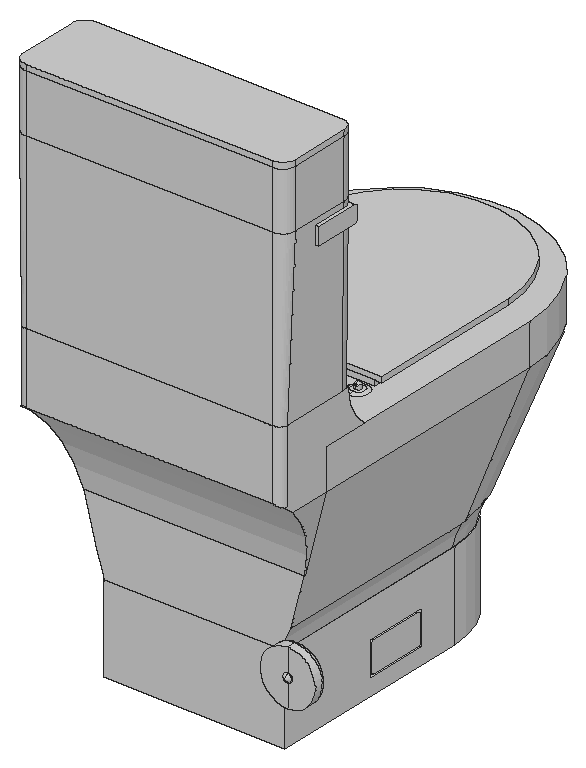
Revit family "T-5000", category Plumbing Fixtures, host Wall, Revit 2023
Family settings
  Host = Wall
  Round Connector Dimension = Use Diameter
  Part Type = Normal
  OmniClass Number = 23.45.00.00
  OmniClass Title = Sanitary, Laundry, and Cleaning Equipment
  Enable Cutting in Views = No
  Always vertical = Yes
  Cut with Voids When Loaded = No
  Maintain Annotation Orientation = No
  Shared = No
  Room Calculation Point = No
Parameters
  Default Elevation = 0' - 0"
Reference planes (in)
  plane 1: y = 0
  plane 2 "Center (Left/Right)": x = -0.47711
  plane 3 "Back": y = 3
  plane 4: x = 8.14789
  plane 5: x = -9.10211
  plane 6: y = 30.5
  plane 7: y = 12
  plane 8: z = 16.5
  plane 9: z = 32.25
  plane 10: x = 7.39789
  plane 11: x = -8.35211
  plane 12: y = 15.04326
  plane 13: y = 3.75
  plane 14: y = 8.7473
  plane 15: y = 7
  plane 16: y = 12.54326
  plane 17: y = 12.54326
  plane 18: y = 7
  plane 19: y = 7
  plane 20: y = 7
  plane 21: y = 7
  plane 22: y = 24.5445
  plane 23: y = 12.75
Forms (in)
  Extrusion 1, solid, material "China Clay"
    sketch origin (0, 0, 0) x (1, 0, 0) y (0, 1, 0)
      loop
        line (-8.10211, 7) -> (7.14789, 7) -> (7.14789, 21.76216)
        arc (7.14789, 21.76216) -> (-0.47711, 29.38716) -> (-8.10211, 21.76216) r 7.625
        line (-8.10211, 21.76216) -> (-8.10211, 7)
    from 14.09841 to 16.5
  Blend 2, solid, material "China Clay"
    base sketch origin (0, 0, 0) x (1, 0, 0) y (0, 1, 0)
      loop
        line (-8.10211, 7) -> (7.14789, 7) -> (7.14789, 21.75)
        arc (7.14789, 21.75) -> (-0.47711, 29.375) -> (-8.10211, 21.75) r 7.625
        line (-8.10211, 21.75) -> (-8.10211, 7)
    top sketch origin (0, 0, 0) x (1, 0, 0) y (0, 1, 0)
      loop
        line (-5.72711, 19.2945) -> (-5.72711, 7) -> (4.77289, 7) -> (4.77289, 19.2945)
        arc (4.77289, 19.2945) -> (-0.47711, 24.5445) -> (-5.72711, 19.2945) r 5.25
    from 14.09841 to 5.04788
  Extrusion 3, solid, material "China Clay"
    sketch origin (0, 0, 0) x (1, 0, 0) y (0, 1, 0)
      loop
        line (-5.72711, 7) -> (4.77289, 7) -> (4.77289, 19.29283)
        arc (4.77289, 19.29283) -> (-0.47711, 24.54283) -> (-5.72711, 19.29283) r 5.25
        line (-5.72711, 19.29283) -> (-5.72711, 7)
    from 0 to 5.04788
  Extrusion 4, solid, material "China Clay"
    sketch origin (0, 0, 0) x (1, 0, 0) y (0, 1, 0)
      loop
        line (-7.60211, 3.75) -> (6.64789, 3.75)
        arc (6.64789, 3.75) -> (7.17822, 3.96967) -> (7.39789, 4.5) r 0.75
        line (7.39789, 4.5) -> (7.39789, 7.9973)
        arc (7.39789, 7.9973) -> (7.17822, 8.52763) -> (6.64789, 8.7473) r 0.75
        line (6.64789, 8.7473) -> (-7.60211, 8.7473)
        arc (-7.60211, 8.7473) -> (-8.13244, 8.52763) -> (-8.35211, 7.9973) r 0.75
        line (-8.35211, 7.9973) -> (-8.35211, 4.5)
        arc (-8.35211, 4.5) -> (-8.13244, 3.96967) -> (-7.60211, 3.75) r 0.75
    from 28.86881 to 32.25
  Blend 5, solid, material "China Clay"
    base sketch origin (0, 0, 0) x (1, 0, 0) y (0, 1, 0)
      loop
        arc (-7.60211, 8.7473) -> (-8.13244, 8.52763) -> (-8.35211, 7.9973) r 0.75
        line (-8.35211, 7.9973) -> (-8.35211, 4.5)
        arc (-8.35211, 4.5) -> (-8.13244, 3.96967) -> (-7.60211, 3.75) r 0.75
        line (-7.60211, 3.75) -> (6.64789, 3.75)
        arc (6.64789, 3.75) -> (7.17822, 3.96967) -> (7.39789, 4.5) r 0.75
        line (7.39789, 4.5) -> (7.39789, 7.9973)
        arc (7.39789, 7.9973) -> (7.17822, 8.52763) -> (6.64789, 8.7473) r 0.75
        line (6.64789, 8.7473) -> (-7.60211, 8.7473)
    top sketch origin (0, 0, 0) x (1, 0, 0) y (0, 1, 0)
      loop
        line (6.64789, 8.7473) -> (-7.60211, 8.7473)
        arc (-7.60211, 8.7473) -> (-7.95566, 8.60086) -> (-8.10211, 8.2473) r 0.5
        line (-8.10211, 8.2473) -> (-8.10211, 4.25)
        arc (-8.10211, 4.25) -> (-7.95566, 3.89645) -> (-7.60211, 3.75) r 0.5
        line (-7.60211, 3.75) -> (6.64789, 3.75)
        arc (6.64789, 3.75) -> (7.00144, 3.89645) -> (7.14789, 4.25) r 0.5
        line (7.14789, 4.25) -> (7.14789, 8.2473)
        arc (7.14789, 8.2473) -> (7.00144, 8.60086) -> (6.64789, 8.7473) r 0.5
    from 28.86881 to 18.8406
  Extrusion 6, solid, material "China Clay"
    sketch origin (0, 0, 0) x (1, 0, 0) y (0, 1, 0)
      loop
        arc (-7.60211, 8.7473) -> (-8.13244, 8.52763) -> (-8.35211, 7.9973) r 0.75
        line (-8.35211, 7.9973) -> (-8.35211, 4.5)
        arc (-8.35211, 4.5) -> (-8.13244, 3.96967) -> (-7.60211, 3.75) r 0.75
        line (-7.60211, 3.75) -> (6.64789, 3.75)
        arc (6.64789, 3.75) -> (7.17822, 3.96967) -> (7.39789, 4.5) r 0.75
        line (7.39789, 4.5) -> (7.39789, 7.9973)
        arc (7.39789, 7.9973) -> (7.17822, 8.52763) -> (6.64789, 8.7473) r 0.75
        line (6.64789, 8.7473) -> (-7.60211, 8.7473)
    from 32.25 to 32.57429
  Extrusion 7, solid, material "China Clay"
    sketch origin (-0.47711, 0, 0.75) x (0, 1, 0) y (0, 0, 1)
      loop
        line (5.89884, 27.82054) -> (5.89884, 26.82054) -> (8.49792, 26.82054)
        arc (8.49792, 26.82054) -> (8.58907, 26.8803) -> (8.64884, 26.97146) r 0.26768
        line (8.64884, 26.97146) -> (8.64884, 27.63771)
        arc (8.64884, 27.63771) -> (8.59824, 27.75103) -> (8.49543, 27.82054) r 0.22595
        line (8.49543, 27.82054) -> (5.89884, 27.82054)
    from 7.625 to 8.09805
  Extrusion 8, void
    sketch origin (4.77289, 23.625, 0) x (0, 1, 0) y (0, 0, -1)
      loop
        line (-10.45674, -2.9149) -> (-6.70674, -2.9149) -> (-6.70674, -0.9149) -> (-10.45674, -0.9149) -> (-10.45674, -2.9149)
    from 0 to 0.50357
  Extrusion 9, solid, material "China Clay"
    sketch origin (4.77289, 23.625, 0) x (0, -1, 0) y (0, 0, -1)
      loop
        arc (10.14606, -2.7899) -> (10.27735, -2.73552) -> (10.33174, -2.60423) r 0.18567
        line (10.33174, -2.60423) -> (10.33174, -1.22558)
        arc (10.33174, -1.22558) -> (10.27735, -1.09428) -> (10.14606, -1.0399) r 0.18567
        line (10.14606, -1.0399) -> (7.01741, -1.0399)
        arc (7.01741, -1.0399) -> (6.88612, -1.09428) -> (6.83174, -1.22558) r 0.18567
        line (6.83174, -1.22558) -> (6.83174, -2.60423)
        arc (6.83174, -2.60423) -> (6.88612, -2.73552) -> (7.01741, -2.7899) r 0.18567
        line (7.01741, -2.7899) -> (10.14606, -2.7899)
    from -0.45975 to 0
  Extrusion 10, solid, material "China Clay"
    sketch origin (0, 0, 16.5) x (1, 0, 0) y (0, 1, 0)
      loop
        line (-6.35211, 21.75) -> (-6.35211, 12.75) -> (5.39789, 12.75) -> (5.39789, 21.75)
        arc (5.39789, 21.75) -> (-0.47711, 27.625) -> (-6.35211, 21.75) r 5.875
    from 0 to 0.3069
  Extrusion 11, solid, material "China Clay"
    sketch origin (0, 0, 16.8069) x (1, 0, 0) y (0, 1, 0)
      loop
        line (-6.72711, 21.9375) -> (-6.72711, 12.75) -> (5.77289, 12.75) -> (5.77289, 21.9375)
        arc (5.77289, 21.9375) -> (-0.47711, 28.1875) -> (-6.72711, 21.9375) r 6.25
    from 0 to 0.3069
  Revolve 12, solid, material "China Clay"
    sketch origin (-6.22711, 0, 0) x (0, 1, 0) y (0, 0, 1)
      loop
        line (12, 17) -> (11.82322, 16.82322) -> (11.82322, 16.61224) -> (11.62934, 16.56029) -> (11.40435, 16.5) -> (12, 16.5) -> (12, 17)
      axis (12, 17) -> (12, 16.5)
    angle from 0 to 360
  Revolve 13, solid, material "China Clay"
    sketch origin (5.02289, 0, 0) x (0, 1, 0) y (0, 0, 1)
      loop
        line (12, 17) -> (11.82322, 16.82322) -> (11.82322, 16.61224) -> (11.62934, 16.56029) -> (11.40435, 16.5) -> (12, 16.5) -> (12, 17)
      axis (12, 17) -> (12, 16.5)
    angle from 0 to 360
  Revolve 14, solid, material "China Clay"
    sketch origin (8.14789, 0.00359, 1.19598) x (0, 1, 0) y (0, 0, 1)
      loop
        line (2.99641, 7) -> (2.99641, 5.40538) -> (3.72167, 5.40538) -> (3.72167, 5.55415) -> (3.72167, 6.80415)
        arc (3.72167, 6.80415) -> (3.6479, 6.94402) -> (3.5, 7) r 0.22337
        line (3.5, 7) -> (2.99641, 7)
      axis (2.99641, 5.40538) -> (3.72167, 5.40538)
    angle from 0 to 360
  Revolve 15, solid, material "China Clay"
    sketch origin (8.14789, 0.36254, 1.20232) x (0, 1, 0) y (0, 0, 1)
      loop
        line (3, 5.65538) -> (2.60937, 5.65538) -> (2.43432, 5.40538) -> (4.05072, 5.40538)
        arc (4.05072, 5.40538) -> (4.05556, 5.56345) -> (3.92688, 5.65538) r 0.16785
        line (3.92688, 5.65538) -> (3, 5.65538)
      axis (2.43432, 5.40538) -> (4.05072, 5.40538)
    angle from 0 to 360
  Revolve 16, solid, material "China Clay", not visible
    sketch origin (12.27289, -0.35895, -0.00633) x (0, 1, 0) y (0, 0, 1)
      loop
        line (2.99641, 7) -> (2.99641, 5.40538) -> (3.72167, 5.40538) -> (3.72167, 5.55415) -> (3.72167, 6.80415)
        arc (3.72167, 6.80415) -> (3.6479, 6.94402) -> (3.5, 7) r 0.22337
        line (3.5, 7) -> (2.99641, 7)
      axis (2.99641, 5.40538) -> (3.72167, 5.40538)
    angle from 0 to 360
  Revolve 17, solid, material "China Clay", not visible
    sketch origin (12.27289, 0, 0) x (0, 1, 0) y (0, 0, 1)
      loop
        line (3, 5.65538) -> (2.60937, 5.65538) -> (2.43432, 5.40538) -> (4.05072, 5.40538)
        arc (4.05072, 5.40538) -> (4.05556, 5.56345) -> (3.92688, 5.65538) r 0.16785
        line (3.92688, 5.65538) -> (3, 5.65538)
      axis (2.43432, 5.40538) -> (4.05072, 5.40538)
    angle from 0 to 360
  Sweep 18, void
    path in 3D
      loop
        line (4.77289, 7, 5.04788) -> (4.77289, 19.2945, 5.04788)
        arc (4.77289, 19.2945, 5.04788) -> (-0.47711, 24.5445, 5.04788) -> (-5.72711, 19.2945, 5.04788) r 5.25
        line (-5.72711, 19.2945, 5.04788) -> (-5.72711, 7, 5.04788)
    profile origin (-0.47711, 24.5445, 5.04788) x (0, 1, 0) y (0, 0, -1)
      loop
        arc (-0.12846, 0.93532) -> (0.37273, -1.35527) -> (1.99146, -3.05167) r 4.34391
        line (1.99146, -3.05167) -> (-0.12846, 0.93532)
  Sweep 19, solid, material "China Clay"
    path in 3D
      loop
        line (-8.10211, 7, 16.5) -> (7.14789, 7, 16.5)
    profile origin (-0.47711, 7, 16.5) x (0, 1, 0) y (0, 0, 1)
      loop
        line (-3.25, 2.3406) -> (-3.25, -1.7353)
        arc (-3.25, -1.7353) -> (-1.03008, -4.08229) -> (0, -7.1442) r 7.51847
        line (0, -7.1442) -> (0, 0) -> (2.84457, 0)
        arc (2.84457, 0) -> (1.91906, 1.0057) -> (1.62569, 2.3406) r 2.62099
        line (1.62569, 2.3406) -> (-3.25, 2.3406)
  Extrusion 20, void
    sketch origin (-8.10211, 7, 16.5) x (-1, 0, 0) y (0, 0, -1)
      loop
        line (-15.25, 2.40159) -> (-14.00546, 7.1442) -> (-15.25, 7.1442) -> (-15.25, 2.40159)
      loop
        line (0, 2.40159) -> (0, 7.1442) -> (-1.24454, 7.1442) -> (0, 2.40159)
    from 0 to 3.25
  Extrusion 21, void
    sketch origin (0, 0, 18.8406) x (1, 0, 0) y (0, 1, 0)
      loop
        arc (7.14789, 4.25) -> (7.00144, 3.89645) -> (6.64789, 3.75) r 0.5
        line (6.64789, 3.75) -> (7.14789, 3.75) -> (7.14789, 4.25)
      loop
        line (-8.10211, 4.25) -> (-8.10211, 3.75) -> (-7.60211, 3.75)
        arc (-7.60211, 3.75) -> (-7.95566, 3.89645) -> (-8.10211, 4.25) r 0.5
    from -4.25163 to 0
Cuts and joins
  Extrusion 8 cuts Extrusion 3
  Sweep 18 cuts Blend 2
  Extrusion 20, Extrusion 21 cuts Sweep 19
  Extrusion 21 cuts Extrusion 4
  Extrusion 21 cuts Blend 5
Lines and regions (in)
  sketch lines
    curve 1: arc (4.77289, 19.2945, 5.04788) -> (-0.47711, 24.5445, 5.04788) -> (-5.72711, 19.2945, 5.04788) r 5.25
    curve 2: line (4.77289, 7, 5.04788) -> (4.77289, 19.2945, 5.04788)
    curve 3: line (-5.72711, 19.2945, 5.04788) -> (-5.72711, 7, 5.04788)
    curve 4: line (-8.10211, 7, 16.5) -> (7.14789, 7, 16.5)
Text (in)
  text "Placement Side" at (0, 40.15149, 123.01588), in view "Right"
  text "Placement Side" at (-70.3804, 45.82615, 0), in view "Ref. Level"
  text "Placement Side" at (0, 47.49176, 113.10569), in view "Left"
Dimensions and locks (in)
  locked: plane 3 "Back" to host wall
  plane 2 "Center (Left/Right)" to plane 4 = 0' - 8 5/8"
  plane 10 to plane 11 = 1' - 3 3/4"
  plane 7 to plane 6 = 1' - 6 1/2"
  plane 3 "Back" to plane 6 = 2' - 3 1/2"
  plane 8 to level = 1' - 4 1/2"
  plane 3 "Back" to plane 12 = 1' - 0.04326"
  locked: plane 3 "Back" to Extrusion 6 at 0.75
  locked: plane 13 to plane 3 "Back" at 0.75
  locked: plane 3 "Back" to Revolve 14 at 0.72525
  locked: plane 15 to plane 3 "Back" at 4
  locked: plane 16 to plane 3 "Back" at 9.54326
  locked: plane 17 to plane 1 at 12.54326
  locked: plane 18 to plane 3 "Back" at 4
  locked: plane 3 "Back" to plane 19 at 4
  locked: plane 3 "Back" to plane 20 at 4
  plane 3 "Back" to plane 21 = 0' - 4"
  locked: plane 21 to plane 22 at 17.5445
  plane 14 to plane 13 = 0' - 4.9973"
  locked: plane 23 to plane 7 at 0.75
  aligned and locked: plane 13 to Extrusion 6
  aligned and locked: Blend 5 to Extrusion 4
  aligned and locked: Extrusion 4 to Extrusion 6  (x2)
  aligned and locked: Extrusion 6 sketch curve to plane 14
  aligned and locked: Extrusion 6 sketch curve to Extrusion 4
  aligned and locked: plane 14 to Extrusion 4 sketch curve
  aligned and locked: Blend 5 sketch curve to var sketch  (x2)
  aligned and locked: plane 3 "Back" to Revolve 14
  aligned and locked: Extrusion 1 sketch curve to plane 15
  aligned and locked: var sketch to Blend 2 sketch curve
  aligned and locked: plane 21 to cut or joined group of Extrusion 3, Extrusion 8
  aligned and locked: plane 21 to Blend 2
  aligned and locked: Extrusion 1 to Blend 2
  aligned and locked: Extrusion 6 to plane 14
  aligned and locked: Extrusion 4 to plane 14
  aligned and locked: Blend 2 to cut or joined group of Extrusion 3, Extrusion 8
  aligned and locked: Extrusion 20 to Extrusion 1
  aligned and locked: Blend 5 to Extrusion 20
  aligned and locked: Extrusion 11 to plane 23
  aligned and locked: Extrusion 10 to plane 23
Automatic sketch dimensions
  Extrusion 1 sketch curve to plane 2 "Center (Left/Right)" = 0' - 0"
  Extrusion 1 sketch curve to plane 11 = 0' - 0 1/4"
  Extrusion 1 sketch curve to plane 22 = 0' - 2.78234"
  Blend 2 sketch curve to plane 18 = 0' - 0"
  Blend 2 sketch curve to plane 2 "Center (Left/Right)" = 0' - 0"  (x2)
  Blend 2 sketch curve to plane 11 = 0' - 0 1/4"
  Blend 2 sketch curve to plane 22 = 0' - 2.7945"
  Blend 2 sketch curve to plane 11 = 0' - 2 5/8"
  plane 12 to Blend 2 sketch curve = 0' - 4.25124"
  Extrusion 3 sketch curve to plane 20 = 0' - 0"
  Extrusion 3 sketch curve to plane 2 "Center (Left/Right)" = 0' - 0"
  Extrusion 3 sketch curve to plane 11 = 0' - 2 5/8"
  Extrusion 4 sketch curve to plane 11 = 0' - 0"
  Extrusion 4 sketch curve to plane 13 = 0' - 0"
  Extrusion 4 sketch curve to plane 10 = 0' - 0"
  Extrusion 4 sketch curve to plane 11 = 0' - 0 3/4"  (x2)
  plane 10 to Extrusion 4 sketch curve = 0' - 0 3/4"  (x2)
  Blend 5 sketch curve to plane 11 = 0' - 0"
  plane 14 to Blend 5 sketch curve = 0' - 0"
  Blend 5 sketch curve to plane 13 = 0' - 0"
  Blend 5 sketch curve to plane 10 = 0' - 0"
  Blend 5 sketch curve to plane 11 = 0' - 0 3/4"  (x2)
  plane 10 to Blend 5 sketch curve = 0' - 0 3/4"  (x3)
  Blend 5 sketch curve to Blend 5 sketch curve = 0' - 0 3/4"
  Blend 5 sketch curve to plane 11 = 0' - 0 1/4"
  Blend 5 sketch curve to Blend 5 sketch curve = 0' - 0 1/2"  (x2)
  plane 10 to Blend 5 sketch curve = 0' - 0 1/4"
  Extrusion 6 sketch curve to plane 11 = 0' - 0"
  Extrusion 6 sketch curve to plane 10 = 0' - 0"
  Extrusion 6 sketch curve to plane 11 = 0' - 0 3/4"  (x2)
  plane 10 to Extrusion 6 sketch curve = 0' - 0 3/4"  (x2)
  plane 21 to Extrusion 7 sketch curve = 0' - 1.10116"
  plane 14 to Extrusion 7 sketch curve = 0' - 0.34751"
  plane 14 to Extrusion 7 sketch curve = 0' - 0.32215"
  Extrusion 7 sketch curve to Extrusion 7 sketch curve = 0' - 0.07028"
  plane 14 to Extrusion 7 sketch curve = 0' - 0.24939"
  plane 14 to Extrusion 7 sketch curve = 0' - 0.09846"
  Extrusion 7 sketch curve to plane 9 = 0' - 4.67946"
  Extrusion 7 sketch curve to Extrusion 7 sketch curve = 0' - 0.15093"
  Extrusion 7 sketch curve to Extrusion 7 sketch curve = 0' - 0.53621"
  Extrusion 7 sketch curve to Extrusion 7 sketch curve = 0' - 0.03192"
  Extrusion 8 sketch curve to Extrusion 3 = 0' - 0.9149"
  Extrusion 3 to Extrusion 8 sketch curve = 0' - 6.12457"
  Extrusion 3 to Extrusion 8 sketch curve = 0' - 2.37457"
  Extrusion 8 sketch curve to Extrusion 8 sketch curve = 0' - 2"
  Extrusion 9 sketch curve to Extrusion 3 = 0' - 2.49957"
  Extrusion 9 sketch curve to Extrusion 9 sketch curve = 0' - 0.18567"  (x3)
  Extrusion 3 to Extrusion 9 sketch curve = 0' - 1.22558"
  Extrusion 9 sketch curve to Extrusion 9 sketch curve = 0' - 3.12865"
  Extrusion 9 sketch curve to Extrusion 9 sketch curve = 0' - 0"
  Extrusion 9 sketch curve to Extrusion 9 sketch curve = 0' - 1.37865"
  Extrusion 11 sketch curve to plane 2 "Center (Left/Right)" = 0' - 0"
  Extrusion 11 sketch curve to plane 11 = 0' - 1 5/8"
  Extrusion 11 sketch curve to plane 22 = 0' - 2.607"
  Revolve 12 sketch curve to plane 8 = 0' - 0"
  Revolve 12 sketch curve to plane 7 = 0' - 0"  (x2)
  Revolve 12 sketch curve to plane 7 = 0' - 0.17678"
  plane 8 to Revolve 12 sketch curve = 0' - 0.06029"
  Revolve 12 sketch curve to Revolve 12 sketch curve = 0' - 0.19388"
  Revolve 12 sketch curve to Revolve 12 sketch curve = 0' - 0.22499"
  plane 8 to Revolve 12 sketch curve = 0' - 0.11224"
  Revolve 12 sketch curve to Revolve 12 sketch curve = 0' - 0.21099"
  Revolve 12 sketch curve to Revolve 12 sketch curve = 0' - 0.17678"
  Revolve 12 sketch curve to Revolve 12 sketch curve = 0' - 0 1/4"
  Revolve 12 sketch curve to Revolve 12 sketch curve = 0' - 0"
  Revolve 13 sketch curve to plane 8 = 0' - 0"
  Revolve 13 sketch curve to plane 7 = 0' - 0"  (x2)
  Revolve 13 sketch curve to plane 7 = 0' - 0.17678"
  plane 8 to Revolve 13 sketch curve = 0' - 0.06029"
  Revolve 13 sketch curve to Revolve 13 sketch curve = 0' - 0.19388"
  Revolve 13 sketch curve to Revolve 13 sketch curve = 0' - 0.22499"
  plane 8 to Revolve 13 sketch curve = 0' - 0.11224"
  Revolve 13 sketch curve to Revolve 13 sketch curve = 0' - 0.21099"
  Revolve 13 sketch curve to Revolve 13 sketch curve = 0' - 0.17678"
  Revolve 13 sketch curve to Revolve 13 sketch curve = 0' - 0 1/4"
  Revolve 13 sketch curve to Revolve 13 sketch curve = 0' - 0"
  plane 14 to Blend 5 sketch curve = 0' - 0 3/4"
  Blend 5 sketch curve to Blend 5 sketch curve = 0' - 0"  (x3)
  plane 12 to Extrusion 3 sketch curve = 0' - 4.24957"
  profile plane to Sweep 18 sketch curve = 0' - 0.12846"
  Sweep 18 sketch curve to profile plane = 0' - 1.99146"
  profile plane to Sweep 18 sketch curve = 0' - 0.68407"
  Sweep 18 sketch curve to profile plane = 0' - 4.20818"
  Sweep 18 sketch curve to profile plane = 0' - 3.05167"
  Sweep 19 sketch curve to profile plane = 0' - 0"  (x2)
  profile plane to Sweep 19 sketch curve = 0' - 3 1/4"
  profile plane to Sweep 19 sketch curve = 0' - 7.47467"
  Sweep 19 sketch curve to profile plane = 0' - 1.62569"
  Sweep 19 sketch curve to Sweep 19 sketch curve = 0' - 1.21888"
  profile plane to Sweep 19 sketch curve = 0' - 2.21629"
  Sweep 19 sketch curve to Sweep 19 sketch curve = 0' - 1.39916"
  Sweep 19 sketch curve to profile plane = 0' - 1.7353"
  Sweep 19 sketch curve to Sweep 19 sketch curve = 0' - 6.21929"
  Extrusion 20 sketch curve to Sweep 19 = 0' - 0"  (x3)
  Extrusion 20 sketch curve to Extrusion 20 sketch curve = 0' - 1.24454"  (x2)
  Extrusion 20 sketch curve to Sweep 19 = 0' - 1.24454"
  Extrusion 20 sketch curve to Sweep 19 = 0' - 2.40159"  (x2)
  Extrusion 21 sketch curve to Blend 5 = 0' - 0"  (x4)
  Extrusion 21 sketch curve to Extrusion 21 sketch curve = 0' - 0"  (x4)
  Extrusion 10 sketch curve to Extrusion 1 = 0' - 1 3/4"
  Extrusion 10 sketch curve to Extrusion 10 sketch curve = 0' - 5 7/8"
  Extrusion 10 sketch curve to Extrusion 10 sketch curve = 0' - 9"
  plane 16 to Extrusion 11 sketch curve = 0' - 0.20674"
  Extrusion 10 sketch curve to Extrusion 1 = 0' - 5 3/4"
  radius of Extrusion 21 sketch curve to Blend 5 = 0' - 0"  (x2)
